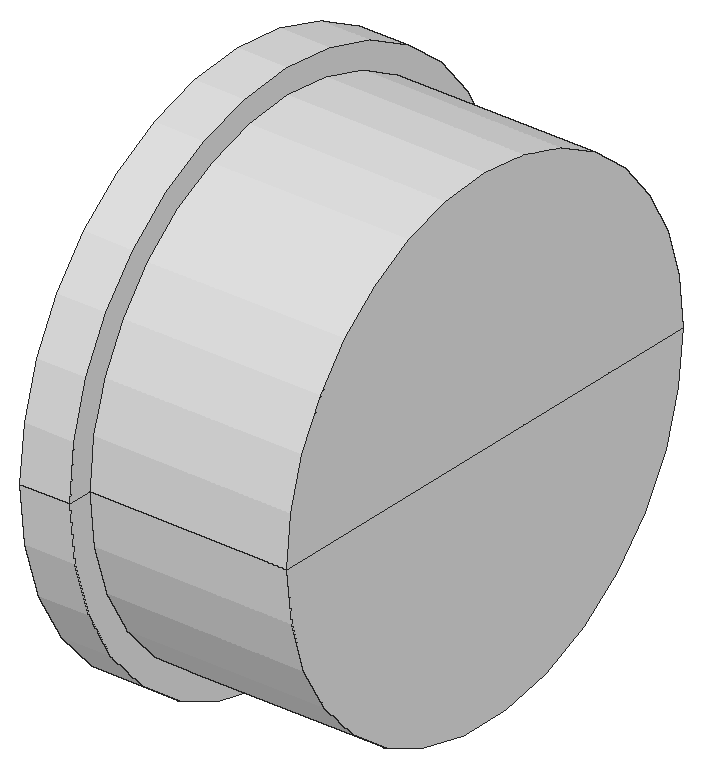
Revit family "Redi_Фитинг_ПВХ_Заглушка", category Соединительные детали трубопроводов, Revit 2019
Family settings
  Размер круглого соединителя = Использовать диаметр
  Тип детали = Заглушка
  На основе рабочей плоскости = Нет
  Всегда вертикально = Да
  При загрузке вырезать с полостями = Нет
  Общий = Нет
Parameters (values of type "Redi")
  Типовой = no
  Размер засечки [instance] = 22.5 mm
  Поиск в таблице имен 2 = "Redi_Фитинг_ПВХ_Заглушка"
  Поиск в таблице имен = "Redi_Фитинг_ПВХ_Заглушка"
  Description = ""
  Материал = 05 Пластик ПВХ Белый
  Assembly Code = ""
  Manufacturer = ""
  Диаметр Наружный [instance] = size_lookup(Поиск в таблице имен, "D1", ADSK_Диаметр условный * 1.1, ADSK_Диаметр условный)  # 55 mm
  URL = ""
  L [instance] = size_lookup(Поиск в таблице имен, "L1", ADSK_Диаметр условный / 2, ADSK_Диаметр условный)  # 20 mm
  ADSK_Наименование краткое = "Загл."  # constant formula
  ADSK_Наименование [instance] = size_lookup(Поиск в таблице имен, "ADSK_Наименование", "Решение не найдено", ADSK_Диаметр условный)  # "Заглушка, DN50"
  ADSK_Масса_Текст [instance] = ""
  ADSK_Масса [instance] = 0
  ADSK_Марка = ""
  ADSK_Код изделия [instance] = size_lookup(Поиск в таблице имен 2, "ADSK_Код изделия", "Решение не найдено", ADSK_Диаметр условный)  # "660505"
  ADSK_Завод-изготовитель = "Redi"  # constant formula
  ADSK_Единица измерения = "шт."  # constant formula
  ADSK_Диаметр условный [instance] = 50 mm
Reference planes
  plane 1 "По центру (Вперед/Назад)": y = 0
  plane 2: z = 0
  plane 3 "По центру (Влево/Вправо)": x = 0
  plane 4: y = 25
  plane 5: y = -25
  plane 6: y = 27.5
  plane 7: y = -27.5
  plane 8: x = -20
  plane 9: x = -25
Forms (mm)
  Revolve 1, solid, material "05 Пластик ПВХ Белый" <- "Материал", detail levels fine
    sketch origin (-42, 0, 0) x (1, 0, 0) y (0, 1, 0)
      loop
        line (17, 27.5) -> (17, 0) -> (42, 0) -> (42, 25) -> (22, 25) -> (22, 27.5) -> (17, 27.5)
      axis (42, 0) -> (17, 0)
    angle from 0 to 360
Lines and regions (mm)
  model lines, detail levels coarse+medium
    curve 1: arc (-20, 25, 0) -> (5, 0, 0) -> (-20, -25, 0) r 25
    curve 2: line (-25, 25, 0) -> (-25, -25, 0)
    curve 3: line (-25, 0, 0) -> (0, 0, 0)
Dimensions and locks
  equal spacing: plane 4, plane 1 "По центру (Вперед/Назад)", plane 5
  "ADSK_Диаметр условный": plane 4 to plane 5
  equal spacing: plane 6, plane 1 "По центру (Вперед/Назад)", plane 7
  "Диаметр Наружный": plane 6 to plane 7
  "L": plane 8 to plane 3 "По центру (Влево/Вправо)"
  plane 9 to plane 8 = 5 mm
  aligned and locked: level to plane 2
  aligned and locked: Revolve 1 sketch curve to plane 6
  aligned and locked: Revolve 1 sketch curve to plane 4
  aligned and locked: Revolve 1 sketch curve to plane 1 "По центру (Вперед/Назад)"
  aligned and locked: plane 4 to curve 1
  aligned and locked: plane 4 to curve 2
  aligned and locked: plane 5 to curve 2
  aligned and locked: plane 1 "По центру (Вперед/Назад)" to curve 3
  aligned and locked: Revolve 1 to plane 3 "По центру (Влево/Вправо)"
  aligned and locked: Revolve 1 to plane 8
  aligned and locked: Revolve 1 to plane 9
  aligned and locked: plane 3 "По центру (Влево/Вправо)" to curve 3
  aligned and locked: curve 2 to plane 9
  aligned and locked: plane 8 to curve 1
Automatic sketch dimensions
  Revolve 1 sketch curve to plane 1 "По центру (Вперед/Назад)" = 0 mm
  Revolve 1 sketch curve to Revolve 1 sketch curve = 2054 mm
  curve 1 to plane 5 = 0 mm
  Revolve 1 sketch curve to plane 3 "По центру (Влево/Вправо)" = 0 mm
  plane 8 to Revolve 1 sketch curve = 1891 mm
  Revolve 1 sketch curve to plane 8 = 0 mm
  Revolve 1 sketch curve to Revolve 1 sketch curve = 5 mm
Connectors
  piping at (-20, 0, 0), diameter 50, driven by "ADSK_Диаметр условный"
    settings: on Revolve 1, index 1, connector inside diameter 609.6 mm, connector length 0 mm, flow factor 0, pipe flow 0.0 L/s, pressure drop 0.0 Pa, fitting loss kfactor 0, connector angle 0.00°, fixture units 0, engagement length 0 mm, angle of deflection 0.00°, flow configuration 0, flow direction 0, fitting loss method 0, system type 28, joint type 0, gender type 0, connector reference index -1, connector utility 0, adjustable connector no, is connector primary yes, connector description ""
